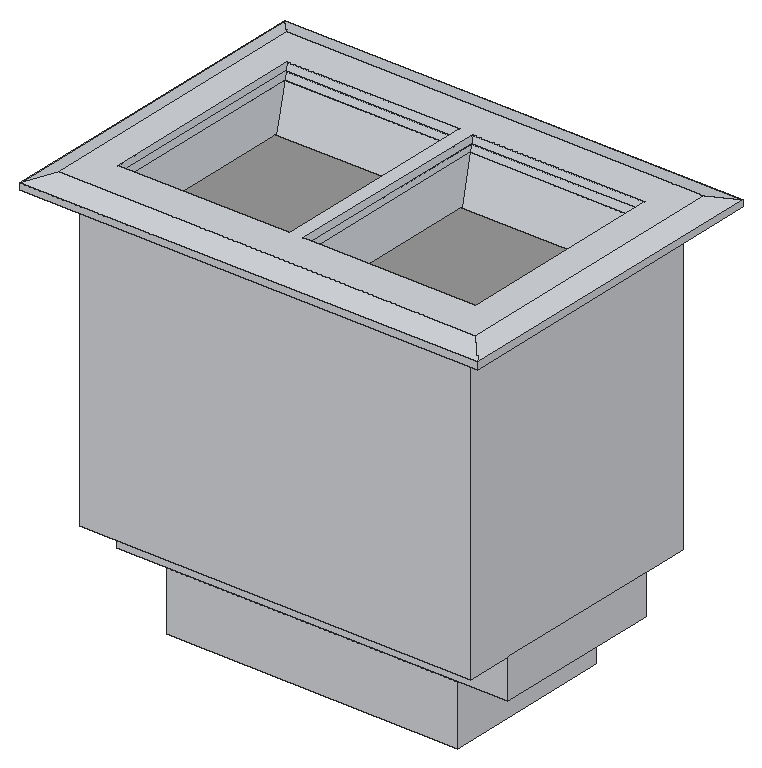
Revit family "2061092 Sylvania Lighting Fixture DOMINO 2xLED 930 GOLD MB TRIM WHITE", category Lighting Fixtures, host Face, Revit 2018
Family settings
  Host = Face
  Round Connector Dimension = Use Diameter
  Part Type = Normal
  OmniClass Number = 23.80.70.00
  OmniClass Title = Lighting
  Cut with Voids When Loaded = No
  Light Source = Yes
  Shared = No
  Room Calculation Point = No
Parameters (values of type "2061092 DOMINO 2XLED 930 GOLD MB TR WHT ")
  top top length = 44 mm
  Width = 50 mm
  Weight = "n/a"
  Wattage Comments = ""
  Wattage = 9.2903 W
  WarrantyStartDate [instance] = "n/a"
  WarrantyGuarantorParts = "n/a"
  WarrantyDurationUnit = "n/a"
  WarrantyDurationParts = ""
  WarrantyDescription = "http://www.sylvania-lighting.com"
  built-in parameter 1150110 = 1 (stored number, unit not read)
  Voltage = 0 V
  URL = "0.6"
  TypeName = "DOMINO 2xLED 930 GOLD MB TRIM WHITE"
  Type Image = <None>
  Type Comments = "n/a"
  built-in parameter 1114217 = 1 (stored number, unit not read)
  Top Width = 26 mm
  Tilt Angle = 90.00°
  built-in parameter 1150109 = 1 (stored number, unit not read)
  built-in parameter 1150134 = 3
  built-in parameter 1150113 = 1 (stored number, unit not read)
  SerialNumber [instance] = "n/a"
  Recessed Width = 43 mm
  Recessed Length = 63 mm
  Photometric Web File = "2061092.ies"
  Material_3_FEILO = none
  PowerFactor = 0
  PowerConsumption = "Lighting"
  NominalLength = 50 mm
  NominalHeight = 0 mm
  NominalDepth = 0 mm
  Name = "DOMINO 2xLED 930 GOLD MB TRIM WHITE"
  ModelReference = Name  # "DOMINO 2xLED 930 GOLD MB TRIM WHITE"
  ModelNumber = "2061092"
  Model = Name  # "DOMINO 2xLED 930 GOLD MB TRIM WHITE"
  Material = "Feilo Sylvania"
  ManufacturerName = "60 lm/W"
  Manufacturer = ""
  LuminousEfficacy = ""
  built-in parameter 1150105 = 109.82 (stored number, unit not read)
  Lumens = 1380 lm
  LuminaireType = "0"
  built-in parameter 1150115 = 1 (stored number, unit not read)
  LightOutputRatio = "LED"
  built-in parameter 1150137 = (empty or 0)
  built-in parameter 1150139 = (empty or 0)
  Lens Width = 32 mm
  Lens = Glass, White, High Luminance
  Length = 69 mm
  LampsType = Lamp  # "n/a"
  LampNominalLuminous = "3000 K"
  LampMacAdamStep = "90"
  LampColourTemperature = "LED"
  LampColourRenderingIndex = "16500"
  built-in parameter 1150112 = 1 (stored number, unit not read)
  built-in parameter 1150114 = 1 (stored number, unit not read)
  Lamp = "n/a"
  Keynote = "n/a"
  InstallationDate [instance] = "n/a"
  InputVoltage = "0"
  InputNominalFrequency = "3000"
  built-in parameter 1150132 = (empty or 0)
  built-in parameter 1150102 = (empty or 0)
  built-in parameter 1150107 = 3200 (stored number, unit not read)
  built-in parameter 1150138 = (empty or 0)
  IngressProtection = "IfcLightFixtureType"
  ImpactProtectionIndex = "IfcLightFixtureType"
  built-in parameter 1150106 = 1.0982 (stored number, unit not read)
  IfcExportType = "IfcLightFixtureType"
  IfcExportAs = "Class II"
  Facia internal width = 37 mm
  Facia internal length = 56 mm
  Facia Height = 2 mm
  ExpectedLife = 50000
  Emit from Circle Diameter = 609.6 mm
  Emit Shape Visible in Rendering = no
  ElectricShockClassification = "60"
  built-in parameter 1150104 = 13.8 (stored number, unit not read)
  DurationUnit = "hours"
  DocumentationLiterature = "http://www.sylvania-lighting.com/product/en-int/products/2061092"
  DimmingControlOptions = "n/a"
  Material_2_FEILO = none
  Dimming Lamp Color Temperature Shift = <None>
  Description = "Modular LED recessed linear spotlight, ideal for retail and hospitality applications. Die-cast aluminium body, passive cooling. Two levels of reflector installation, low glaring UGR<16. 2x LED source, 30° beam angle , optics: PMMA lens and polycarbonate reflector combination, Gold plated reflector finish. Light color temperature: 3000K warm white, total system power: 6W , total fixture lumen output: 355lm, efficacy: 60 lm/W, Ra90 typical, LED chromacity: 3 step MacAdam ellipse (SDCM3), lifespan: 96,000 hours at 90% of the original output (L90B10), IR/UV free light source without heat radiation, operating voltage: 220-240V / 50-60Hz, electronic driver, ultra low flicker, non-dimmable , electrical protection: Class II. Degree of Protection: IP40/IP20, suitable for indoor environment only. Ceiling cut-out: 43x43mm, outer dimensions:  70x50mm trim frame RAL 9016 - Traffic white / Bezel color.5 years Warranty."
  Default Elevation = 1219.2 mm
  CreatedOn = "10/02/2021"
  CreatedBy = "harvey.smart@sylvania-lighting.com"
  Cost = 0
  Color Filter = 16777215
  built-in parameter 1114216 [instance] = (empty or 0)
  ClassificationValue = "EF_70_80"
  ClassificationName = "Uniclass2015"
  Material_1_FEILO = none
  Body Width = 40 mm
  Body Length = 59 mm
  BarCode [instance] = "n/a"
  built-in parameter 1114218 = 1 (stored number, unit not read)
  built-in parameter 1150133 = 10 (stored number, unit not read)
  AssetType = "Fixed"
  AssetIdentifier [instance] = "n/a"
  Assembly Code = "D5020200"
  Apparent Load = 6 VA
  Material_4_FEILO = none
Reference planes
  plane 1 "Center (Front/Back)": y = 0
  plane 2: z = 0
  plane 3 "Center (Left/Right)": x = 0
  plane 4: z = 0
  plane 5: z = -7
  plane 6: z = -45.895
  plane 7: z = -51.895
  plane 8: z = -60.895
  plane 9: x = -31.5
  plane 10: x = 31.5
  plane 11: y = 21.5
  plane 12: y = -21.5
  plane 13: x = -34.5
  plane 14: x = 34.5
  plane 15: y = 25
  plane 16: y = -25
  plane 17: x = 28
  plane 18: x = -28
  plane 19: y = 18.5
  plane 20: y = -18.5
  plane 21: z = 2
  plane 22: x = -29.5
  plane 23: x = 29.5
  plane 24: y = 20
  plane 25: y = -20
  plane 26: y = 13
  plane 27: y = -13
  plane 28: x = 22
  plane 29: y = 16
  plane 30: y = -16
  plane 31: x = -27
  plane 32: x = -1
  plane 33: x = -26
  plane 34: x = -2
  plane 35: y = 12.5
  plane 36: y = -12.5
  plane 37: x = 27
  plane 38: x = 1
  plane 39: x = 2
  plane 40: x = 26.026
Forms (mm)
  Extrusion 1, solid, not visible, detail levels medium+fine
    sketch origin (4.2, 0, 0) x (1, 0, 0) y (0, 1, 0)
      loop
        line (-29.2, 34.5) -> (-29.2, -34.5) -> (20.8, -34.5) -> (20.8, 34.5) -> (-29.2, 34.5)
    from 0 to 1
  Extrusion 2, solid, not visible, detail levels medium+fine
    sketch origin (4.044, 0, 0) x (1, 0, 0) y (0, 1, 0)
      loop
        line (-29.2, 34.5) -> (-29.2, -34.5) -> (20.8, -34.5) -> (20.8, 34.5) -> (-29.2, 34.5)
    from 0 to 1
  Blend 3, solid, not visible, detail levels medium+fine
    base sketch origin (4.2, 0, 0) x (1, 0, 0) y (0, 1, 0)
      loop
        line (-29.2, 34.5) -> (-29.2, -34.5) -> (20.8, -34.5) -> (20.8, 34.5) -> (-29.2, 34.5)
    top sketch origin (4.2, 0, 0) x (1, 0, 0) y (0, 1, 0)
      loop
        line (-21.7, 28) -> (-21.7, -28) -> (13.3, -28) -> (13.3, 28) -> (-21.7, 28)
    from 1 to 3
  Extrusion 4, solid, not visible, detail levels medium+fine
    sketch origin (3.419, 0, 0) x (1, 0, 0) y (0, 1, 0)
      loop
        line (-29.2, 34.5) -> (-29.2, -34.5) -> (20.8, -34.5) -> (20.8, 34.5) -> (-29.2, 34.5)
    from 0 to 1
  Blend 5, solid, not visible, detail levels medium+fine
    base sketch origin (3.575, 0, 0) x (1, 0, 0) y (0, 1, 0)
      loop
        line (-29.2, 34.5) -> (-29.2, -34.5) -> (20.8, -34.5) -> (20.8, 34.5) -> (-29.2, 34.5)
    top sketch origin (3.575, 0, 0) x (1, 0, 0) y (0, 1, 0)
      loop
        line (-21.7, 28) -> (-21.7, -28) -> (13.3, -28) -> (13.3, 28) -> (-21.7, 28)
    from 1 to 3
  Extrusion 6, solid, not visible, detail levels medium+fine
    sketch origin (4.247, 0, 0) x (1, 0, 0) y (0, 1, 0)
      loop
        line (-29.2, 34.5) -> (-29.2, -34.5) -> (20.8, -34.5) -> (20.8, 34.5) -> (-29.2, 34.5)
    from 0 to 1
  Blend 7, solid, not visible, detail levels medium+fine
    base sketch origin (4.403, 0, 0) x (1, 0, 0) y (0, 1, 0)
      loop
        line (-29.2, 34.5) -> (-29.2, -34.5) -> (20.8, -34.5) -> (20.8, 34.5) -> (-29.2, 34.5)
    top sketch origin (4.403, 0, 0) x (1, 0, 0) y (0, 1, 0)
      loop
        line (-21.7, 28) -> (-21.7, -28) -> (13.3, -28) -> (13.3, 28) -> (-21.7, 28)
    from 1 to 3
  Extrusion 8, void, detail levels medium+fine
    sketch origin (4.2, 0, 0) x (0, 1, 0) y (1, 0, 0)
      loop
        line (21.5, -35.7) -> (21.5, 27.3) -> (-21.5, 27.3) -> (-21.5, -35.7) -> (21.5, -35.7)
    from -9.934 to 83.097
  Extrusion 9, solid, detail levels medium+fine
    sketch origin (4.2, 0, 0) x (1, 0, 0) y (0, 1, 0)
      loop
        line (-38.7, 25) -> (-38.7, -25) -> (30.3, -25) -> (30.3, 25) -> (-38.7, 25)
    from 0 to 1
  Blend 10, solid, detail levels medium+fine
    base sketch origin (4.2, 0, 0) x (1, 0, 0) y (0, 1, 0)
      loop
        line (-38.7, 25) -> (-38.7, -25) -> (30.3, -25) -> (30.3, 25) -> (-38.7, 25)
    top sketch origin (4.2, 0, 0) x (1, 0, 0) y (0, 1, 0)
      loop
        line (-35.7, 21.5) -> (-35.7, -21.5) -> (27.3, -21.5) -> (27.3, 21.5) -> (-35.7, 21.5)
    from 1 to 2
  Extrusion 11, solid, detail levels medium+fine
    sketch origin (4.2, 0, 0) x (1, 0, 0) y (0, 1, 0)
      loop
        line (-33.7, 20) -> (-33.7, -20) -> (25.3, -20) -> (25.3, 20) -> (-33.7, 20)
    from 0 to -45.895
  Extrusion 12, solid, detail levels medium+fine
    sketch origin (4.2, 0, 0) x (1, 0, 0) y (0, 1, 0)
      loop
        line (-33.7, 13) -> (-33.7, -13) -> (25.3, -13) -> (25.3, 13) -> (-33.7, 13)
    from -51.895 to -45.895
  Extrusion 13, solid, detail levels fine
    sketch origin (4.2, 0, 0) x (1, 0, 0) y (0, 1, 0)
      loop
        line (-26.2, 13) -> (-26.2, -13) -> (17.8, -13) -> (17.8, 13) -> (-26.2, 13)
    from -60.895 to -51.895
  Blend 14, void, detail levels medium+fine
    base sketch origin (4.2, 0, 0) x (0, 1, 0) y (-1, 0, 0)
      loop
        line (16, 31.2) -> (-16, 31.2) -> (-16, 5.2) -> (16, 5.2) -> (16, 31.2)
    top sketch origin (4.2, 0, 0) x (0, 1, 0) y (-1, 0, 0)
      loop
        line (12.5, 30.2) -> (-12.5, 30.2) -> (-12.5, 6.2) -> (12.5, 6.2) -> (12.5, 30.2)
    from 2 to -7
  Blend 15, void, detail levels medium+fine
    base sketch origin (4.2, 0, 0) x (0, 1, 0) y (-1, 0, 0)
      loop
        line (16, 3.2) -> (-16, 3.2) -> (-16, -22.8) -> (16, -22.8) -> (16, 3.2)
    top sketch origin (4.2, 0, 0) x (0, 1, 0) y (-1, 0, 0)
      loop
        line (12.5, 2.2) -> (-12.5, 2.2) -> (-12.5, -21.826) -> (12.5, -21.826) -> (12.5, 2.2)
    from 2 to -7
  Extrusion 16, solid, material "Glass, White, High Luminance" <- "Lens", detail levels fine
    sketch origin (0, 1219.2, 38) x (1, 0, 0) y (0, 1, 0)
      loop
        line (-26, -1206.7) -> (-26, -1231.7) -> (-2, -1231.7) -> (-2, -1206.7) -> (-26, -1206.7)
    from -45 to -44
  Extrusion 17, solid, material "Glass, White, High Luminance" <- "Lens", detail levels fine
    sketch origin (4.2, 0, 0) x (1, 0, 0) y (0, 1, 0)
      loop
        line (-2.2, 12.5) -> (-2.2, -12.5) -> (21.826, -12.5) -> (21.826, 12.5) -> (-2.2, 12.5)
    from -7 to -6
  Extrusion 18, solid, detail levels coarse
    sketch origin (0, 1219.2, 38) x (1, 0, 0) y (0, 1, 0)
      loop
        line (34.5, -1194.2) -> (-34.5, -1194.2) -> (-34.5, -1244.2) -> (34.5, -1244.2) -> (34.5, -1194.2)
    from -36 to -98.895
Cuts and joins
  Blend 14, Blend 15 cuts Extrusion 9
  Blend 14, Blend 15 cuts Blend 10
  Blend 14, Blend 15 cuts Extrusion 11
Dimensions and locks
  "Recessed Length": plane 9 to plane 10
  equal spacing: plane 9, plane 3 "Center (Left/Right)", plane 10
  "Length": plane 13 to plane 14
  equal spacing: plane 13, plane 3 "Center (Left/Right)", plane 14
  "Recessed Width": plane 11 to plane 12
  equal spacing: plane 11, plane 1 "Center (Front/Back)", plane 12
  "Width": plane 15 to plane 16
  equal spacing: plane 15, plane 1 "Center (Front/Back)", plane 16
  "Facia internal length": plane 18 to plane 17
  equal spacing: plane 18, plane 3 "Center (Left/Right)", plane 17
  "Facia internal width": plane 19 to plane 20
  equal spacing: plane 19, plane 1 "Center (Front/Back)", plane 20
  "Facia Height": plane 21 to host face
  "Body Length": plane 22 to plane 23
  equal spacing: plane 22, plane 3 "Center (Left/Right)", plane 23
  "Body Width": plane 24 to plane 25
  equal spacing: plane 24, plane 1 "Center (Front/Back)", plane 25
  "Top Width": plane 26 to plane 27
  equal spacing: plane 26, plane 1 "Center (Front/Back)", plane 27
  plane 3 "Center (Left/Right)" to plane 28 = 22 mm
  "Lens Width": plane 29 to plane 30
  equal spacing: plane 29, plane 1 "Center (Front/Back)", plane 30
  aligned and locked: plane 2 to host face
  aligned and locked: level to host face
  aligned and locked: plane 21 to Blend 10
  aligned and locked: Extrusion 9 to Blend 10
  aligned and locked: plane 7 to Extrusion 13
  aligned and locked: Extrusion 12 to plane 7
  aligned and locked: Extrusion 11 to plane 6
  aligned and locked: Blend 14 to plane 5
  aligned and locked: plane 21 to Blend 14
  aligned and locked: Blend 15 to plane 5
  aligned and locked: plane 21 to Blend 15
Automatic sketch dimensions
  host sketch curve to host sketch curve = 2438.4 mm  (x2)
  Extrusion 1 sketch curve to Extrusion 1 sketch curve = 50 mm
  Extrusion 1 sketch curve to Extrusion 1 sketch curve = 69 mm
  Extrusion 2 sketch curve to Extrusion 2 sketch curve = 50 mm
  Extrusion 2 sketch curve to Extrusion 2 sketch curve = 69 mm
  Blend 3 sketch curve to Blend 3 sketch curve = 50 mm
  Blend 3 sketch curve to Blend 3 sketch curve = 69 mm
  Blend 3 sketch curve to Blend 3 sketch curve = 35 mm
  Blend 3 sketch curve to Blend 3 sketch curve = 56 mm
  Extrusion 4 sketch curve to Extrusion 4 sketch curve = 50 mm
  Extrusion 4 sketch curve to Extrusion 4 sketch curve = 69 mm
  Blend 5 sketch curve to Blend 5 sketch curve = 50 mm
  Blend 5 sketch curve to Blend 5 sketch curve = 69 mm
  Blend 5 sketch curve to Blend 5 sketch curve = 35 mm
  Blend 5 sketch curve to Blend 5 sketch curve = 56 mm
  Extrusion 6 sketch curve to Extrusion 6 sketch curve = 50 mm
  Extrusion 6 sketch curve to Extrusion 6 sketch curve = 69 mm
  Blend 7 sketch curve to Blend 7 sketch curve = 50 mm
  Blend 7 sketch curve to Blend 7 sketch curve = 69 mm
  Blend 7 sketch curve to Blend 7 sketch curve = 35 mm
  Blend 7 sketch curve to Blend 7 sketch curve = 56 mm
  Extrusion 8 sketch curve to plane 9 = 0 mm
  Extrusion 8 sketch curve to plane 12 = 0 mm
  Extrusion 8 sketch curve to plane 11 = 0 mm
  Extrusion 8 sketch curve to plane 10 = 0 mm
  Extrusion 9 sketch curve to plane 13 = 0 mm
  Extrusion 9 sketch curve to plane 14 = 0 mm
  Extrusion 9 sketch curve to plane 16 = 0 mm
  Extrusion 9 sketch curve to plane 15 = 0 mm
  Blend 10 sketch curve to plane 13 = 0 mm
  Blend 10 sketch curve to plane 14 = 0 mm
  Blend 10 sketch curve to plane 16 = 0 mm
  Blend 10 sketch curve to plane 15 = 0 mm
  Blend 10 sketch curve to plane 9 = 0 mm
  Blend 10 sketch curve to plane 10 = 0 mm
  Blend 10 sketch curve to plane 12 = 0 mm
  Blend 10 sketch curve to plane 11 = 0 mm
  Extrusion 11 sketch curve to plane 22 = 0 mm
  Extrusion 11 sketch curve to plane 23 = 0 mm
  Extrusion 11 sketch curve to plane 25 = 0 mm
  Extrusion 11 sketch curve to plane 24 = 0 mm
  Extrusion 12 sketch curve to plane 22 = 0 mm
  Extrusion 12 sketch curve to plane 23 = 0 mm
  Extrusion 12 sketch curve to plane 27 = 0 mm
  Extrusion 12 sketch curve to plane 26 = 0 mm
  Extrusion 13 sketch curve to plane 27 = 0 mm
  Extrusion 13 sketch curve to plane 28 = 0 mm
  Extrusion 13 sketch curve to plane 26 = 0 mm
  plane 18 to Extrusion 13 sketch curve = 6 mm
  Blend 14 sketch curve to plane 30 = 0 mm
  Blend 14 sketch curve to plane 29 = 0 mm
  Blend 14 sketch curve to plane 32 = 0 mm
  Blend 14 sketch curve to plane 31 = 0 mm
  Blend 14 sketch curve to plane 33 = 0 mm
  Blend 14 sketch curve to plane 36 = 0 mm
  Blend 14 sketch curve to plane 35 = 0 mm
  Blend 14 sketch curve to plane 34 = 0 mm
  Blend 15 sketch curve to plane 30 = 0 mm
  Blend 15 sketch curve to plane 29 = 0 mm
  Blend 15 sketch curve to plane 37 = 0 mm
  Blend 15 sketch curve to plane 38 = 0 mm
  Blend 15 sketch curve to plane 36 = 0 mm
  Blend 15 sketch curve to plane 35 = 0 mm
  Blend 15 sketch curve to plane 40 = 0 mm
  Blend 15 sketch curve to plane 39 = 0 mm
  plane 31 to Extrusion 16 sketch curve = 1 mm
  Extrusion 16 sketch curve to plane 11 = 9 mm
  Extrusion 16 sketch curve to plane 34 = 0 mm
  plane 1 "Center (Front/Back)" to Extrusion 16 sketch curve = 12.5 mm
  Extrusion 17 sketch curve to plane 36 = 0 mm
  Extrusion 17 sketch curve to plane 39 = 0 mm
  Extrusion 17 sketch curve to plane 40 = 0 mm
  Extrusion 17 sketch curve to plane 35 = 0 mm
  Extrusion 18 sketch curve to plane 33 = 8.5 mm
  plane 14 to Extrusion 18 sketch curve = 0 mm
  plane 16 to Extrusion 18 sketch curve = 50 mm
  Extrusion 18 sketch curve to plane 36 = 12.5 mm
